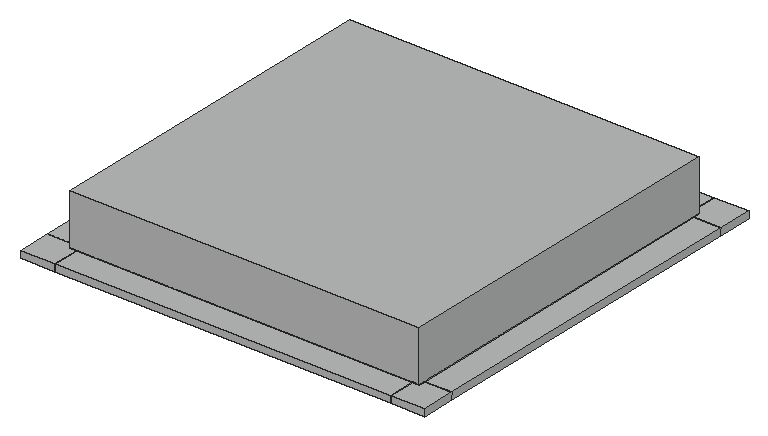
Revit family "ALUMOGIPS", category Осветительные приборы, Revit 2019 (continued)
Types (72, lengths in mm): name | Файл фотометрической сетки | built-in parameter 1150105 | Lumens | built-in parameter 1150106 | built-in parameter 1150142 | Wattage | Emit from Rectangle Width | Emit from Rectangle Length | Длина | Материал светильника | Ширина | ADSK_Ток | ADSK_Полная мощность | ADSK_Обозначение | ADSK_Номинальная мощность | ADSK_Наименование | ADSK_Масса | ADSK_Код изделия
  Alumogips-38/opal-sand 610х610 (IP54, 4000К, серый, грильято) | "Светильник ALUMOGIPS-38 OPAL-SAND-(610x610).IES" | 302.39 (stored number, unit not read) | 3800 lm | 3.0239 (stored number, unit not read) | "IESNA:LM-63-95\r\n[TEST] Протокол № 50-12 \r\n[DATA] 20.06.2016\r\n[MORE] \r\n[MANUFAC] ЗАО \"Центрстройсвет\"\r\n[LUMCAT]  Светильник ALUMOGIPS-38/OPAL-SAND-(610x610)\r\n[LUMINAIRE]\r\n[LAMPCAT] Светодиоды\r\n[LAMP] Поток источника света (светодиодов) не известен\r\n[MORE] КСС приведена в абсолютных величинах кд\r\n[MORE] Вместо потока лампы, указан поток светильника.\r\nTILT=NONE\r\n1    3750 1.0 37 73 1 2 0.61 0.61 0.04\r\n1.0 1.0 38.7\r\n0.0 5.0 10.0 15.0 20.0 25.0 30.0 35.0 40.0 45.0 50.0 55.0 60.0 65.0 70.0 75.0 80.0 85.0 90.0 95.0 100.0 105.0 110.0 115.0 120.0 125.0 130.0 135.0 140.0 145.0 150.0 155.0 160.0 165.0 170.0 175.0 180.0\r\n0.0 5.0 10.0 15.0 20.0 25.0 30.0 35.0 40.0 45.0 50.0 55.0 60.0 65.0 70.0 75.0 80.0 85.0 90.0 95.0 100.0 105.0 110.0 115.0 120.0 125.0 130.0 135.0 140.0 145.0 150.0 155.0 160.0 165.0 170.0 175.0 180.0 185.0 190.0 195.0 200.0 205.0 210.0 215.0 220.0 225.0 230.0 235.0 240.0 245.0 250.0 255.0 260.0 265.0 270.0 275.0 280.0 285.0 290.0 295.0 300.0 305.0 310.0 315.0 320.0 325.0 330.0 335.0 340.0 345.0 350.0 355.0 360.0\r\n1391.4 1390.6 1365.7 1330.6 1277.5 1214.9 1147.5 1059.6 967.6 873.2 772.4 664.9 556.3 449.1 342.7 240.6 147.1 64.2 4.7 0.0 0.0 0.0 0.0 0.0 0.0 0.0 0.0 0.0 0.0 0.0 0.0 0.0 0.0 0.0 0.0 0.0 0.0\r\n1391.4 1390.5 1367.8 1332.7 1284.3 1221.3 1147.0 1062.1 969.2 872.4 773.2 666.3 557.1 450.1 343.8 241.9 146.9 64.7 5.2 0.0 0.0 0.0 0.0 0.0 0.0 0.0 0.0 0.0 0.0 0.0 0.0 0.0 0.0 0.0 0.0 0.0 0.0\r\n1391.4 1390.2 1372.0 1333.3 1277.3 1216.8 1144.5 1057.4 969.6 875.1 773.8 669.5 560.0 454.6 345.8 242.4 148.5 65.8 5.4 0.0 0.0 0.0 0.0 0.0 0.0 0.0 0.0 0.0 0.0 0.0 0.0 0.0 0.0 0.0 0.0 0.0 0.0\r\n1391.4 1389.8 1371.2 1330.7 1279.5 1220.5 1148.3 1059.9 967.7 873.2 767.5 666.8 561.4 453.0 347.1 243.7 149.9 65.6 5.8 0.0 0.0 0.0 0.0 0.0 0.0 0.0 0.0 0.0 0.0 0.0 0.0 0.0 0.0 0.0 0.0 0.0 0.0\r\n1391.4 1389.8 1368.3 1329.3 1285.0 1214.6 1141.1 1058.7 971.8 871.3 775.2 666.9 559.4 452.6 345.8 242.5 150.0 65.8 6.1 0.0 0.0 0.0 0.0 0.0 0.0 0.0 0.0 0.0 0.0 0.0 0.0 0.0 0.0 0.0 0.0 0.0 0.0\r\n1391.4 1390.5 1367.3 1332.3 1281.7 1219.0 1142.8 1064.6 970.5 874.4 772.1 667.5 560.2 453.0 346.2 241.8 149.4 65.7 5.6 0.0 0.0 0.0 0.0 0.0 0.0 0.0 0.0 0.0 0.0 0.0 0.0 0.0 0.0 0.0 0.0 0.0 0.0\r\n1391.4 1391.4 1368.1 1333.5 1277.3 1215.7 1139.0 1059.6 968.1 872.4 771.6 667.4 558.8 453.3 344.3 243.9 148.4 65.7 5.4 0.0 0.0 0.0 0.0 0.0 0.0 0.0 0.0 0.0 0.0 0.0 0.0 0.0 0.0 0.0 0.0 0.0 0.0\r\n1391.4 1391.7 1368.1 1330.4 1278.2 1213.9 1142.4 1061.6 967.4 875.1 772.0 669.3 561.1 452.5 345.2 242.1 148.3 65.4 5.5 0.0 0.0 0.0 0.0 0.0 0.0 0.0 0.0 0.0 0.0 0.0 0.0 0.0 0.0 0.0 0.0 0.0 0.0\r\n1391.4 1391.5 1371.0 1328.4 1278.5 1216.7 1142.1 1061.2 971.8 874.7 772.1 668.9 560.8 452.9 345.4 243.3 147.7 66.0 5.4 0.0 0.0 0.0 0.0 0.0 0.0 0.0 0.0 0.0 0.0 0.0 0.0 0.0 0.0 0.0 0.0 0.0 0.0\r\n1391.4 1391.5 1373.2 1330.5 1277.3 1215.5 1143.2 1063.6 967.0 872.7 772.2 669.4 558.9 453.2 346.6 241.9 148.1 65.2 5.5 0.0 0.0 0.0 0.0 0.0 0.0 0.0 0.0 0.0 0.0 0.0 0.0 0.0 0.0 0.0 0.0 0.0 0.0\r\n1391.4 1391.4 1369.7 1328.3 1281.3 1216.0 1139.8 1057.9 968.7 875.3 773.9 667.6 561.8 454.0 344.0 243.1 147.2 65.6 5.5 0.0 0.0 0.0 0.0 0.0 0.0 0.0 0.0 0.0 0.0 0.0 0.0 0.0 0.0 0.0 0.0 0.0 0.0\r\n1391.4 1390.5 1367.9 1330.1 1278.1 1218.1 1138.9 1061.0 970.0 871.8 770.4 669.3 560.2 453.4 346.9 242.1 148.3 65.2 5.2 0.0 0.0 0.0 0.0 0.0 0.0 0.0 0.0 0.0 0.0 0.0 0.0 0.0 0.0 0.0 0.0 0.0 0.0\r\n1391.4 1389.3 1368.2 1329.1 1280.8 1214.4 1142.5 1059.2 967.2 874.3 772.4 668.0 563.1 452.3 345.7 242.8 146.8 64.9 5.1 0.0 0.0 0.0 0.0 0.0 0.0 0.0 0.0 0.0 0.0 0.0 0.0 0.0 0.0 0.0 0.0 0.0 0.0\r\n1391.4 1388.6 1367.4 1327.8 1278.0 1215.7 1141.0 1061.0 971.5 877.3 771.2 667.3 561.5 453.0 346.4 242.4 146.3 64.8 5.2 0.0 0.0 0.0 0.0 0.0 0.0 0.0 0.0 0.0 0.0 0.0 0.0 0.0 0.0 0.0 0.0 0.0 0.0\r\n1391.4 1388.0 1367.6 1326.7 1278.3 1218.0 1140.9 1061.5 968.4 873.4 770.1 666.6 562.1 454.6 344.8 241.8 146.4 64.0 5.5 0.0 0.0 0.0 0.0 0.0 0.0 0.0 0.0 0.0 0.0 0.0 0.0 0.0 0.0 0.0 0.0 0.0 0.0\r\n1391.4 1387.2 1366.1 1331.0 1281.4 1216.3 1142.7 1059.1 969.4 871.5 772.2 667.3 560.5 453.0 344.4 242.2 146.4 63.8 5.6 0.0 0.0 0.0 0.0 0.0 0.0 0.0 0.0 0.0 0.0 0.0 0.0 0.0 0.0 0.0 0.0 0.0 0.0\r\n1391.4 1387.1 1366.3 1328.7 1276.9 1214.5 1141.2 1059.3 968.4 874.3 775.5 668.3 562.5 454.9 346.4 241.3 146.2 63.5 5.7 0.0 0.0 0.0 0.0 0.0 0.0 0.0 0.0 0.0 0.0 0.0 0.0 0.0 0.0 0.0 0.0 0.0 0.0\r\n1391.4 1388.4 1366.0 1329.7 1279.2 1217.9 1140.0 1060.5 969.0 873.9 772.0 671.3 560.4 453.2 343.7 241.7 145.8 63.7 5.4 0.0 0.0 0.0 0.0 0.0 0.0 0.0 0.0 0.0 0.0 0.0 0.0 0.0 0.0 0.0 0.0 0.0 0.0\r\n1391.4 1389.6 1367.7 1329.3 1277.2 1211.1 1140.1 1061.0 971.0 871.2 769.2 669.1 561.5 453.1 343.3 241.9 145.8 63.4 5.2 0.0 0.0 0.0 0.0 0.0 0.0 0.0 0.0 0.0 0.0 0.0 0.0 0.0 0.0 0.0 0.0 0.0 0.0\r\n1391.4 1388.8 1366.9 1327.1 1279.4 1214.2 1142.5 1056.4 970.7 870.3 771.0 665.1 560.4 453.3 343.8 241.1 145.7 63.4 5.2 0.0 0.0 0.0 0.0 0.0 0.0 0.0 0.0 0.0 0.0 0.0 0.0 0.0 0.0 0.0 0.0 0.0 0.0\r\n1391.4 1387.2 1365.8 1328.9 1276.6 1210.2 1141.4 1059.3 966.6 871.4 770.5 667.4 559.2 451.4 344.2 241.0 145.6 63.2 5.1 0.0 0.0 0.0 0.0 0.0 0.0 0.0 0.0 0.0 0.0 0.0 0.0 0.0 0.0 0.0 0.0 0.0 0.0\r\n1391.4 1386.8 1364.4 1329.8 1279.4 1213.7 1144.0 1059.0 965.3 873.7 768.8 668.9 559.4 449.5 342.6 241.5 144.6 63.4 5.0 0.0 0.0 0.0 0.0 0.0 0.0 0.0 0.0 0.0 0.0 0.0 0.0 0.0 0.0 0.0 0.0 0.0 0.0\r\n1391.4 1388.1 1365.8 1328.1 1273.8 1213.4 1137.9 1059.2 967.3 869.2 769.3 667.7 558.4 451.4 344.0 240.6 145.7 63.4 4.9 0.0 0.0 0.0 0.0 0.0 0.0 0.0 0.0 0.0 0.0 0.0 0.0 0.0 0.0 0.0 0.0 0.0 0.0\r\n1391.4 1389.2 1364.4 1323.2 1276.3 1213.8 1137.6 1055.3 963.1 871.0 767.7 664.1 559.7 447.1 342.4 240.1 145.2 63.9 5.1 0.0 0.0 0.0 0.0 0.0 0.0 0.0 0.0 0.0 0.0 0.0 0.0 0.0 0.0 0.0 0.0 0.0 0.0\r\n1391.4 1388.4 1362.3 1326.8 1274.4 1212.2 1137.9 1054.7 966.7 867.9 768.7 663.4 557.3 449.2 343.3 240.0 145.7 63.6 5.0 0.0 0.0 0.0 0.0 0.0 0.0 0.0 0.0 0.0 0.0 0.0 0.0 0.0 0.0 0.0 0.0 0.0 0.0\r\n1391.4 1386.2 1361.8 1326.5 1273.3 1211.2 1134.5 1048.6 964.3 866.3 767.8 662.9 556.7 449.5 341.9 239.8 145.7 63.7 5.0 0.0 0.0 0.0 0.0 0.0 0.0 0.0 0.0 0.0 0.0 0.0 0.0 0.0 0.0 0.0 0.0 0.0 0.0\r\n1391.4 1384.4 1363.5 1324.4 1272.0 1209.5 1137.2 1053.0 960.2 867.5 767.9 662.7 556.7 449.2 342.5 239.1 146.2 63.8 4.8 0.0 0.0 0.0 0.0 0.0 0.0 0.0 0.0 0.0 0.0 0.0 0.0 0.0 0.0 0.0 0.0 0.0 0.0\r\n1391.4 1383.7 1362.4 1324.4 1274.0 1209.5 1134.4 1050.1 965.4 864.9 764.6 662.3 556.6 447.9 340.5 240.3 145.5 64.6 4.6 0.0 0.0 0.0 0.0 0.0 0.0 0.0 0.0 0.0 0.0 0.0 0.0 0.0 0.0 0.0 0.0 0.0 0.0\r\n1391.4 1384.4 1361.9 1326.9 1270.2 1207.3 1132.7 1050.1 959.7 867.7 763.1 662.2 555.0 447.3 343.0 238.3 145.8 63.9 4.7 0.0 0.0 0.0 0.0 0.0 0.0 0.0 0.0 0.0 0.0 0.0 0.0 0.0 0.0 0.0 0.0 0.0 0.0\r\n1391.4 1385.1 1363.0 1320.0 1270.4 1207.9 1134.4 1055.0 963.5 867.3 766.7 660.7 555.9 450.1 342.6 240.2 145.9 64.3 4.9 0.0 0.0 0.0 0.0 0.0 0.0 0.0 0.0 0.0 0.0 0.0 0.0 0.0 0.0 0.0 0.0 0.0 0.0\r\n1391.4 1384.9 1362.3 1321.4 1273.1 1208.0 1135.4 1052.3 961.9 865.0 764.0 660.8 553.5 447.6 341.2 240.3 146.1 63.8 4.8 0.0 0.0 0.0 0.0 0.0 0.0 0.0 0.0 0.0 0.0 0.0 0.0 0.0 0.0 0.0 0.0 0.0 0.0\r\n1391.4 1383.8 1361.2 1322.1 1265.1 1211.5 1132.8 1049.3 961.3 863.4 764.0 661.0 550.7 447.9 341.0 240.1 146.2 63.8 4.6 0.0 0.0 0.0 0.0 0.0 0.0 0.0 0.0 0.0 0.0 0.0 0.0 0.0 0.0 0.0 0.0 0.0 0.0\r\n1391.4 1382.8 1359.3 1321.5 1269.3 1206.8 1132.8 1051.1 958.3 863.2 763.1 662.7 553.4 448.0 340.4 240.0 145.8 63.8 4.0 0.0 0.0 0.0 0.0 0.0 0.0 0.0 0.0 0.0 0.0 0.0 0.0 0.0 0.0 0.0 0.0 0.0 0.0\r\n1391.4 1382.6 1359.0 1319.6 1268.1 1204.3 1129.8 1049.0 957.7 861.8 761.7 658.4 554.2 446.1 340.4 239.0 145.6 63.8 3.8 0.0 0.0 0.0 0.0 0.0 0.0 0.0 0.0 0.0 0.0 0.0 0.0 0.0 0.0 0.0 0.0 0.0 0.0\r\n1391.4 1382.8 1358.5 1315.8 1266.5 1202.1 1128.5 1049.2 957.6 860.0 762.1 658.2 549.9 443.8 339.6 238.4 145.7 63.6 3.7 0.0 0.0 0.0 0.0 0.0 0.0 0.0 0.0 0.0 0.0 0.0 0.0 0.0 0.0 0.0 0.0 0.0 0.0\r\n1391.4 1382.2 1360.5 1319.2 1265.9 1204.5 1129.9 1046.9 955.0 862.9 758.9 657.9 552.5 444.9 338.9 238.8 145.3 63.6 3.3 0.0 0.0 0.0 0.0 0.0 0.0 0.0 0.0 0.0 0.0 0.0 0.0 0.0 0.0 0.0 0.0 0.0 0.0\r\n1391.4 1381.1 1361.2 1321.0 1268.1 1203.8 1128.8 1047.4 955.6 863.7 761.1 656.4 551.5 445.2 339.2 238.5 144.7 62.5 3.5 0.0 0.0 0.0 0.0 0.0 0.0 0.0 0.0 0.0 0.0 0.0 0.0 0.0 0.0 0.0 0.0 0.0 0.0\r\n1391.4 1380.6 1359.0 1316.4 1268.5 1204.0 1126.1 1049.5 956.2 859.6 759.7 656.5 549.2 444.3 338.4 236.1 143.8 61.6 3.2 0.0 0.0 0.0 0.0 0.0 0.0 0.0 0.0 0.0 0.0 0.0 0.0 0.0 0.0 0.0 0.0 0.0 0.0\r\n1391.4 1380.7 1356.6 1316.0 1267.0 1205.6 1130.3 1044.8 956.9 856.7 759.3 653.5 548.1 441.9 335.3 235.4 141.4 60.3 2.9 0.0 0.0 0.0 0.0 0.0 0.0 0.0 0.0 0.0 0.0 0.0 0.0 0.0 0.0 0.0 0.0 0.0 0.0\r\n1391.4 1380.4 1354.4 1317.9 1268.8 1199.0 1129.0 1044.0 956.9 860.6 758.3 656.9 549.1 442.0 334.4 236.1 141.7 60.5 2.6 0.0 0.0 0.0 0.0 0.0 0.0 0.0 0.0 0.0 0.0 0.0 0.0 0.0 0.0 0.0 0.0 0.0 0.0\r\n1391.4 1380.1 1356.7 1322.1 1264.6 1201.7 1129.9 1047.4 957.2 859.7 758.2 656.1 549.4 442.8 335.3 235.8 141.3 60.6 2.3 0.0 0.0 0.0 0.0 0.0 0.0 0.0 0.0 0.0 0.0 0.0 0.0 0.0 0.0 0.0 0.0 0.0 0.0\r\n1391.4 1379.9 1357.3 1317.5 1265.9 1207.8 1129.2 1046.5 955.7 860.2 758.6 656.9 550.7 441.9 335.4 233.9 140.6 60.2 2.4 0.0 0.0 0.0 0.0 0.0 0.0 0.0 0.0 0.0 0.0 0.0 0.0 0.0 0.0 0.0 0.0 0.0 0.0\r\n1391.4 1379.2 1355.5 1314.6 1269.3 1203.7 1133.5 1044.8 957.2 857.9 762.0 656.6 548.7 440.4 335.9 234.5 140.4 59.8 2.8 0.0 0.0 0.0 0.0 0.0 0.0 0.0 0.0 0.0 0.0 0.0 0.0 0.0 0.0 0.0 0.0 0.0 0.0\r\n1391.4 1377.9 1357.1 1319.2 1271.9 1204.4 1128.6 1050.2 953.1 856.9 757.6 653.7 548.9 439.9 335.4 232.4 140.5 59.2 3.0 0.0 0.0 0.0 0.0 0.0 0.0 0.0 0.0 0.0 0.0 0.0 0.0 0.0 0.0 0.0 0.0 0.0 0.0\r\n1391.4 1377.2 1356.3 1322.9 1266.0 1204.8 1132.2 1049.0 958.1 859.3 759.0 654.6 547.0 441.6 334.9 232.1 139.3 58.8 2.9 0.0 0.0 0.0 0.0 0.0 0.0 0.0 0.0 0.0 0.0 0.0 0.0 0.0 0.0 0.0 0.0 0.0 0.0\r\n1391.4 1377.8 1353.8 1319.7 1269.6 1207.9 1135.8 1049.5 955.8 858.0 762.4 655.9 548.2 441.6 335.6 231.7 139.4 58.8 2.8 0.0 0.0 0.0 0.0 0.0 0.0 0.0 0.0 0.0 0.0 0.0 0.0 0.0 0.0 0.0 0.0 0.0 0.0\r\n1391.4 1378.5 1355.2 1319.8 1267.3 1206.5 1131.2 1046.1 954.6 861.2 756.6 653.8 548.1 440.3 335.0 232.6 138.6 59.0 2.9 0.0 0.0 0.0 0.0 0.0 0.0 0.0 0.0 0.0 0.0 0.0 0.0 0.0 0.0 0.0 0.0 0.0 0.0\r\n1391.4 1378.6 1355.1 1318.3 1269.7 1200.8 1133.1 1049.0 957.6 862.5 762.4 656.9 549.3 443.5 334.7 231.2 138.8 58.1 3.0 0.0 0.0 0.0 0.0 0.0 0.0 0.0 0.0 0.0 0.0 0.0 0.0 0.0 0.0 0.0 0.0 0.0 0.0\r\n1391.4 1378.8 1355.8 1321.7 1268.8 1210.0 1129.0 1048.5 958.8 862.4 762.2 656.4 549.0 441.1 335.4 231.5 138.5 58.1 3.0 0.0 0.0 0.0 0.0 0.0 0.0 0.0 0.0 0.0 0.0 0.0 0.0 0.0 0.0 0.0 0.0 0.0 0.0\r\n1391.4 1379.6 1357.6 1321.7 1269.0 1207.1 1133.9 1047.0 964.1 863.3 761.9 656.4 551.5 440.7 334.9 232.2 137.6 58.1 2.8 0.0 0.0 0.0 0.0 0.0 0.0 0.0 0.0 0.0 0.0 0.0 0.0 0.0 0.0 0.0 0.0 0.0 0.0\r\n1391.4 1380.6 1357.7 1319.2 1272.0 1207.5 1131.3 1054.6 959.0 863.3 764.8 655.9 549.1 443.0 335.1 231.3 138.0 58.1 2.7 0.0 0.0 0.0 0.0 0.0 0.0 0.0 0.0 0.0 0.0 0.0 0.0 0.0 0.0 0.0 0.0 0.0 0.0\r\n1391.4 1381.5 1358.5 1321.9 1271.0 1204.1 1135.9 1055.8 962.5 865.5 761.1 656.9 550.6 442.0 335.3 231.9 137.4 57.9 2.6 0.0 0.0 0.0 0.0 0.0 0.0 0.0 0.0 0.0 0.0 0.0 0.0 0.0 0.0 0.0 0.0 0.0 0.0\r\n1391.4 1381.3 1358.5 1322.3 1270.8 1207.2 1133.7 1051.9 958.0 867.3 767.5 657.0 552.1 442.3 333.6 231.2 137.9 57.8 2.6 0.0 0.0 0.0 0.0 0.0 0.0 0.0 0.0 0.0 0.0 0.0 0.0 0.0 0.0 0.0 0.0 0.0 0.0\r\n1391.4 1380.6 1359.4 1319.7 1270.6 1209.0 1133.0 1052.1 963.9 867.5 764.1 660.0 554.0 443.3 334.8 231.7 137.6 57.8 2.7 0.0 0.0 0.0 0.0 0.0 0.0 0.0 0.0 0.0 0.0 0.0 0.0 0.0 0.0 0.0 0.0 0.0 0.0\r\n1391.4 1381.3 1359.9 1321.3 1270.6 1204.8 1135.0 1051.3 962.1 865.5 761.7 660.3 553.1 443.5 334.1 231.9 137.9 57.8 2.8 0.0 0.0 0.0 0.0 0.0 0.0 0.0 0.0 0.0 0.0 0.0 0.0 0.0 0.0 0.0 0.0 0.0 0.0\r\n1391.4 1383.1 1362.1 1324.8 1273.8 1208.7 1134.8 1055.9 961.8 866.4 762.3 659.7 552.4 443.7 334.4 232.8 138.0 58.0 2.8 0.0 0.0 0.0 0.0 0.0 0.0 0.0 0.0 0.0 0.0 0.0 0.0 0.0 0.0 0.0 0.0 0.0 0.0\r\n1391.4 1384.6 1360.4 1321.7 1272.0 1210.6 1130.9 1052.5 963.1 866.7 767.4 659.3 553.7 444.6 335.4 233.1 138.3 58.0 2.8 0.0 0.0 0.0 0.0 0.0 0.0 0.0 0.0 0.0 0.0 0.0 0.0 0.0 0.0 0.0 0.0 0.0 0.0\r\n1391.4 1385.6 1357.5 1324.7 1273.9 1211.6 1134.3 1052.7 963.6 865.4 763.1 658.7 552.2 444.9 336.9 232.8 138.8 58.6 2.9 0.0 0.0 0.0 0.0 0.0 0.0 0.0 0.0 0.0 0.0 0.0 0.0 0.0 0.0 0.0 0.0 0.0 0.0\r\n1391.4 1386.4 1357.8 1323.4 1273.2 1212.2 1136.3 1054.7 967.5 867.5 764.0 659.4 553.3 443.7 336.8 233.2 138.9 58.5 3.1 0.0 0.0 0.0 0.0 0.0 0.0 0.0 0.0 0.0 0.0 0.0 0.0 0.0 0.0 0.0 0.0 0.0 0.0\r\n1391.4 1386.6 1362.0 1324.9 1273.2 1211.3 1139.0 1049.9 960.3 866.4 768.0 661.3 552.2 443.4 336.3 233.4 139.8 58.9 3.1 0.0 0.0 0.0 0.0 0.0 0.0 0.0 0.0 0.0 0.0 0.0 0.0 0.0 0.0 0.0 0.0 0.0 0.0\r\n1391.4 1386.0 1360.5 1326.0 1271.8 1212.0 1137.2 1059.3 963.5 867.6 766.9 661.2 552.3 445.8 337.8 233.6 141.0 59.2 3.3 0.0 0.0 0.0 0.0 0.0 0.0 0.0 0.0 0.0 0.0 0.0 0.0 0.0 0.0 0.0 0.0 0.0 0.0\r\n1391.4 1385.0 1362.3 1325.1 1272.0 1207.1 1138.5 1053.6 964.5 865.8 766.5 661.6 554.3 445.9 337.0 234.5 140.4 60.2 3.5 0.0 0.0 0.0 0.0 0.0 0.0 0.0 0.0 0.0 0.0 0.0 0.0 0.0 0.0 0.0 0.0 0.0 0.0\r\n1391.4 1384.4 1361.8 1323.6 1274.0 1214.8 1138.9 1053.9 968.0 867.9 769.0 663.8 555.6 446.7 339.6 235.0 141.3 60.4 3.4 0.0 0.0 0.0 0.0 0.0 0.0 0.0 0.0 0.0 0.0 0.0 0.0 0.0 0.0 0.0 0.0 0.0 0.0\r\n1391.4 1385.0 1360.9 1322.2 1272.4 1209.8 1137.2 1055.7 962.7 869.7 769.6 658.2 556.6 447.4 338.5 236.2 142.5 60.7 3.4 0.0 0.0 0.0 0.0 0.0 0.0 0.0 0.0 0.0 0.0 0.0 0.0 0.0 0.0 0.0 0.0 0.0 0.0\r\n1391.4 1386.6 1363.1 1323.6 1272.5 1211.5 1139.2 1058.4 969.9 868.0 768.8 664.6 556.3 445.8 342.1 236.1 142.3 61.2 3.5 0.0 0.0 0.0 0.0 0.0 0.0 0.0 0.0 0.0 0.0 0.0 0.0 0.0 0.0 0.0 0.0 0.0 0.0\r\n1391.4 1388.6 1360.9 1330.2 1273.7 1213.2 1138.7 1058.3 966.2 867.0 766.8 663.4 553.3 447.1 339.2 238.7 143.0 61.4 3.8 0.0 0.0 0.0 0.0 0.0 0.0 0.0 0.0 0.0 0.0 0.0 0.0 0.0 0.0 0.0 0.0 0.0 0.0\r\n1391.4 1389.8 1360.8 1328.4 1276.8 1216.0 1140.1 1055.8 963.1 870.3 768.4 663.1 554.0 449.1 340.1 237.3 144.8 61.7 3.8 0.0 0.0 0.0 0.0 0.0 0.0 0.0 0.0 0.0 0.0 0.0 0.0 0.0 0.0 0.0 0.0 0.0 0.0\r\n1391.4 1389.3 1362.5 1325.9 1278.0 1210.4 1138.2 1054.7 967.8 872.7 770.2 661.9 556.5 446.9 341.3 237.7 144.4 62.5 3.9 0.0 0.0 0.0 0.0 0.0 0.0 0.0 0.0 0.0 0.0 0.0 0.0 0.0 0.0 0.0 0.0 0.0 0.0\r\n1391.4 1387.8 1365.8 1326.6 1274.3 1213.2 1141.4 1053.1 966.2 871.2 768.4 663.7 555.0 447.1 341.3 238.2 144.3 62.7 4.1 0.0 0.0 0.0 0.0 0.0 0.0 0.0 0.0 0.0 0.0 0.0 0.0 0.0 0.0 0.0 0.0 0.0 0.0\r\n1391.4 1387.2 1364.2 1328.3 1274.8 1209.4 1145.0 1060.0 963.9 867.5 766.5 663.4 556.7 448.2 340.9 240.3 144.7 63.3 4.0 0.0 0.0 0.0 0.0 0.0 0.0 0.0 0.0 0.0 0.0 0.0 0.0 0.0 0.0 0.0 0.0 0.0 0.0\r\n1391.4 1388.4 1364.9 1332.6 1279.0 1215.6 1140.9 1056.3 969.3 867.1 770.0 663.8 559.0 449.0 342.4 240.3 145.7 63.3 4.7 0.0 0.0 0.0 0.0 0.0 0.0 0.0 0.0 0.0 0.0 0.0 0.0 0.0 0.0 0.0 0.0 0.0 0.0\r\n1391.4 1390.0 1364.5 1329.3 1281.4 1217.7 1141.3 1063.3 970.3 871.1 768.8 663.5 555.2 449.3 342.4 239.8 146.6 63.3 4.9 0.0 0.0 0.0 0.0 0.0 0.0 0.0 0.0 0.0 0.0 0.0 0.0 0.0 0.0 0.0 0.0 0.0 0.0\r\n1391.4 1390.6 1365.7 1330.6 1277.5 1214.9 1147.5 1059.6 967.6 873.2 772.4 664.9 556.3 449.1 342.7 240.6 147.1 64.2 4.7 0.0 0.0 0.0 0.0 0.0 0.0 0.0 0.0 0.0 0.0 0.0 0.0 0.0 0.0 0.0 0.0 0.0 0.0\r\n" | 25.582 W | 590 | 590 | 610 | RAL 9006 | 610 | 0.179584 A | 41.3043 VA | "Alumogips-38/opal-sand 610х610 (IP54, 4000К, серый, грильято)" | 38 W | "Встраиваемый светодиодный светильник Alumogips-38/opal-sand 610х610 (IP54, 4000К, серый, грильято)" | 2.4 | "ЦБ00000
    7807"
